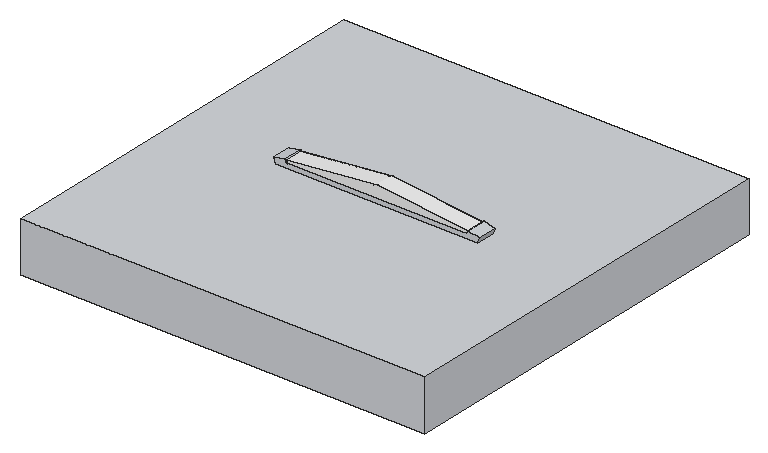
Revit family
Parameters (values of type "277 V")
  Width = 4' - 1"
  Web Link to IES = "http://www.oxygenlighting.com/index.cfm?event=general.downloadFile&theFile=2-5106-xx.ies"
  Wattage = 12.6967 W
  built-in parameter 1150110 = 1 (stored number, unit not read)
  Voltage = 277 V
  URL = "http://www.oxygenlighting.com/"
  built-in parameter 1114217 = 1 (stored number, unit not read)
  Tilt Angle = -90.00°
  built-in parameter 1150109 = 1 (stored number, unit not read)
  built-in parameter 1150134 = (empty or 0)
  built-in parameter 1150113 = 1 (stored number, unit not read)
  Product Documentation Link = "http://www.oxygenlighting.com/ftp/cutsheets/2-5106-xx.pdf"
  Power Factor = 0.99
  Photometric Web File = "2-5106 series.IES"
  Number of Poles = 1
  Model = "2-5106-xx"
  Manufacturer = "Oxygen Lighting"
  built-in parameter 1150105 = 150.08 (stored number, unit not read)
  Lumens = 1886 lm
  built-in parameter 1150115 = 1 (stored number, unit not read)
  built-in parameter 1150137 = (empty or 0)
  built-in parameter 1150139 = (empty or 0)
  Length = 0' - 3 223/256"
  built-in parameter 1150112 = 1 (stored number, unit not read)
  built-in parameter 1150114 = 1 (stored number, unit not read)
  Lamp = "2 x F28T5"
  Junction Box = "4\" Octogonal"
  built-in parameter 1150132 = 2
  built-in parameter 1150102 = (empty or 0)
  built-in parameter 1150107 = 3000 (stored number, unit not read)
  built-in parameter 1150138 = (empty or 0)
  built-in parameter 1150106 = 1.5008 (stored number, unit not read)
  Height = 0' - 4 73/128"
  Emit from Rectangle Width = 4' - 0"
  Emit from Rectangle Length = 0' - 5"
  Emit Shape Visible in Rendering = no
  built-in parameter 1150104 = 13.8 (stored number, unit not read)
  Dimming Lamp Color Temperature Shift = (empty or 0)
  Diffuser Material = Plastic-Oxygen_Lighting-2-Acrylic-Matte_White
  Description = "48\" Contemporary, linear fluorescent vanity - acrylic diffuser and tolless access to lamps"
  Default Elevation = 4' - 0"
  Color Filter = 16777215
  Ballust Manufacturer = "Antron"
  built-in parameter 1114218 = 1 (stored number, unit not read)
  built-in parameter 1150133 = 10 (stored number, unit not read)
  Assembly Code = "D5020210"
  Apparent Load = 59.1 VA
  ADA Compliant = yes
Types (2): name | Voltage | Diffuser Material | Description
  120 V | 120 V | Glass-Oxygen_Lighting-1-Opal_White | "By client"
  277 V | 277 V | Plastic-Oxygen_Lighting-2-Acrylic-Matte_White | "48\" Contemporary, linear fluorescent vanity - acrylic diffuser and tolless access to lamps"
Reference planes (in)
  plane 1 "Center (Front/Back)": y = 0
  plane 2: z = 0
  plane 3 "Center (Left/Right)": x = 0
  plane 4: through (-23.94, -180, 0) normal (-0.9285, 0, -0.3714)
  plane 5: through (-24.43875, -180, 1.24687) normal (-0.2139, 0, 0.9769)
  plane 6: through (23.94, -180, 0) normal (-0.9285, 0, 0.3714)
  plane 7: through (24.43875, -180, 1.24687) normal (-0.2139, 0, -0.9769)
  plane 8: z = 3.86531
  plane 9: z = 0.9975
  plane 10: through (-21.69562, -180, 1.84755) normal (0.9439, 0, 0.3303)
  plane 11: through (21.69563, -180, 1.84755) normal (0.9439, 0, -0.3303)
  plane 12: y = 2.285
  plane 13: y = -2.285
  plane 14: y = -2.22515
  plane 15: y = 2.22515
  plane 16: z = 3.73065
  plane 17: y = 2.09547
  plane 18: y = -2.09548
  plane 19: x = -24.43875
  plane 20: x = 24.43875
  plane 21: x = -21.69562
  plane 22: x = 21.69563
  plane 23: z = 1.84537
Forms (in)
  Extrusion 1, solid
    sketch origin (0, 0, 0) x (1, 0, 0) y (0, 1, 0)
      loop
        line (-48, 48) -> (-48, -48) -> (48, -48) -> (48, 48) -> (-48, 48)
    from 0 to -12
  Extrusion 2, solid, detail levels medium+fine
    sketch origin (0, 0, 0) x (1, 0, 0) y (0, 0, 1)
      loop
        line (-23.94, 0) -> (23.94, 0) -> (24.43875, 1.24688) -> (21.69563, 1.84755) -> (21.57346, 1.49849)
        arc (21.57346, 1.49849) -> (21.30023, 1.13547) -> (20.86733, 0.9975) r 0.74813
        line (20.86733, 0.9975) -> (-20.86733, 0.9975)
        arc (-20.86733, 0.9975) -> (-21.30023, 1.13547) -> (-21.57346, 1.49849) r 0.74813
        line (-21.57346, 1.49849) -> (-21.69562, 1.84755) -> (-24.43875, 1.24688) -> (-23.94, 0)
    from -2.285 to 2.285
  Extrusion 3, solid, material "Plastic-Oxygen_Lighting-2-Acrylic-Matte_White" <- "Diffuser Material", detail levels medium+fine
    sketch origin (0, 0, 0) x (1, 0, 0) y (0, 0, 1)
      loop
        line (21.59172, 1.55066) -> (21.63328, 1.66941)
        arc (21.63328, 1.66941) -> (0, 3.86531) -> (-21.63328, 1.66941) r 107.66004
        line (-21.63328, 1.66941) -> (-21.59172, 1.55066)
        arc (-21.59172, 1.55066) -> (0, 3.74062) -> (21.59172, 1.55066) r 107.53535
    from -2.09548 to 2.09547
  Extrusion 4, solid, material "Plastic-Oxygen_Lighting-2-Acrylic-Matte_White" <- "Diffuser Material", detail levels medium+fine
    sketch origin (0, 0, 0) x (1, 0, 0) y (0, 0, 1)
      loop
        arc (21.63328, 1.66941) -> (0, 3.86531) -> (-21.63328, 1.66941) r 107.66004
        line (-21.63328, 1.66941) -> (-21.57346, 1.49849)
        arc (-21.57346, 1.49849) -> (-21.30023, 1.13547) -> (-20.86733, 0.9975) r 0.74813
        line (-20.86733, 0.9975) -> (20.86733, 0.9975)
        arc (20.86733, 0.9975) -> (21.30023, 1.13547) -> (21.57346, 1.49849) r 0.74813
        line (21.57346, 1.49849) -> (21.63328, 1.66941)
    from -2.22515 to -2.09547
  Extrusion 5, solid, material "Plastic-Oxygen_Lighting-2-Acrylic-Matte_White" <- "Diffuser Material", detail levels medium+fine
    sketch origin (0, 0, 0) x (1, 0, 0) y (0, 0, 1)
      loop
        arc (21.63328, 1.66941) -> (0, 3.86531) -> (-21.63328, 1.66941) r 107.66004
        line (-21.63328, 1.66941) -> (-21.57346, 1.49849)
        arc (-21.57346, 1.49849) -> (-21.30023, 1.13547) -> (-20.86733, 0.9975) r 0.74813
        line (-20.86733, 0.9975) -> (20.86733, 0.9975)
        arc (20.86733, 0.9975) -> (21.30023, 1.13547) -> (21.57346, 1.49849) r 0.74813
        line (21.57346, 1.49849) -> (21.63328, 1.66941)
    from 2.09548 to 2.22515
  Extrusion 6, solid, detail levels coarse
    sketch origin (0, 0, 0) x (1, 0, 0) y (0, 1, 0)
      loop
        line (-24.43875, 2.285) -> (-24.43875, -2.285) -> (24.43875, -2.285) -> (24.43875, 2.285) -> (-24.43875, 2.285)
    from 0 to 3.86531
Cuts and joins
  joined: Extrusion 3, Extrusion 4, Extrusion 5
Lines and regions (in)
  Masking region 1
    outline origin (0, 0, 0) x (1, 0, 0) y (0, 1, 0)
      loop
        line (-24.43875, 2.285) -> (-24.43875, -2.285) -> (24.43875, -2.285) -> (24.43875, 2.285) -> (-24.43875, 2.285)
  Masking region 2
    outline origin (0, 0, 0) x (1, 0, 0) y (0, 0, 1)
      loop
        line (-23.94, 0) -> (23.94, 0) -> (24.43875, 1.24688) -> (21.69563, 1.84755) -> (21.63328, 1.66941)
        arc (21.63328, 1.66941) -> (0, 3.86531) -> (-21.63328, 1.66941) r 107.66004
        line (-21.63328, 1.66941) -> (-21.69562, 1.84755) -> (-24.43875, 1.24688) -> (-23.94, 0)
  Masking region 3
    outline origin (0, 0, 0) x (0, 1, 0) y (0, 0, 1)
      loop
        line (2.285, 0) -> (2.285, 3.86531) -> (-2.285, 3.86531) -> (-2.285, 0) -> (2.285, 0)
  reference lines
    curve 1: arc (-21.57346, 0, 1.49849) -> (-21.30023, 0, 1.13547) -> (-20.86733, 0, 0.9975) r 0.74813
    curve 2: arc (20.86733, 0, 0.9975) -> (21.30023, 0, 1.13547) -> (21.57346, 0, 1.49849) r 0.74813
    curve 3: arc (21.63328, 0, 1.66941) -> (0, 0, 3.86531) -> (-21.63328, 0, 1.66941) r 107.66004
    curve 4: arc (23.72546, 0, 1.09071) -> (0.41463, 0, 3.73983) -> (-22.91593, 0, 1.27055) r 107.53535
  symbolic lines
    curve 5: line (-21.69562, 2.285, 0) -> (-21.69562, -2.285, 0)
    curve 6: line (21.69563, -2.285, 0) -> (21.69563, 2.285, 0)
    curve 7: line (-21.69562, 2.09547, 0) -> (21.69563, 2.09547, 0)
    curve 8: line (-21.69562, -2.09548, 0) -> (21.69563, -2.09548, 0)
    curve 9: arc (-21.57346, 0, 1.49849) -> (-21.30023, 0, 1.13547) -> (-20.86733, 0, 0.9975) r 0.74813
    curve 10: line (-20.86733, 0, 0.9975) -> (20.86733, 0, 0.9975)
    curve 11: arc (20.86733, 0, 0.9975) -> (21.30023, 0, 1.13547) -> (21.57346, 0, 1.49849) r 0.74813
    curve 12: line (21.69562, 0, 1.84755) -> (21.57346, 0, 1.49849)
    curve 13: line (-21.69562, 0, 1.84755) -> (-21.57346, 0, 1.49849)
    curve 14: line (0, 2.09547, 0.9975) -> (0, -2.285, 0.9975)
    curve 15: line (0, -2.09548, 1.84537) -> (0, 2.22515, 1.84537)
Dimensions and locks (in)
  plane 16 to plane 23 to plane 9 to plane 2 = 0' - 1.88527" locked, 0' - 0.84787" locked, 0' - 0.9975" locked
  plane 12 to plane 15 to plane 17 to plane 1 "Center (Front/Back)" to plane 18 to plane 14 to plane 13 = 0' - 0.05985" locked, 0' - 0.12967" locked, 0' - 2.09548" locked, 0' - 2.09547" locked, 0' - 0.12967" locked, 0' - 0.05985" locked
  aligned and locked: plane 2 to Extrusion 1
  aligned and locked: level to Extrusion 1
  aligned: plane 3 "Center (Left/Right)" to imposter light
  aligned: plane 1 "Center (Front/Back)" to imposter light  (x2)
  aligned and locked: plane 3 "Center (Left/Right)" to imposter light
  aligned and locked: Extrusion 2 sketch curve to plane 4
  aligned and locked: Extrusion 2 sketch curve to plane 5
  aligned and locked: Extrusion 2 sketch curve to plane 10
  aligned and locked: Extrusion 2 sketch curve to curve 1
  aligned and locked: Extrusion 2 sketch curve to plane 9
  aligned and locked: Extrusion 2 sketch curve to plane 2
  aligned and locked: Extrusion 2 sketch curve to plane 6
  aligned and locked: Extrusion 2 sketch curve to plane 7
  aligned and locked: Extrusion 2 sketch curve to plane 11
  aligned and locked: Extrusion 2 sketch curve to curve 2
  aligned and locked: Extrusion 3 sketch curve to curve 4
  aligned and locked: Extrusion 3 sketch curve to curve 3
  aligned and locked: Extrusion 3 sketch curve to plane 10
  aligned and locked: Extrusion 3 sketch curve to plane 11
  aligned and locked: Extrusion 4 sketch curve to Extrusion 3
  aligned and locked: Extrusion 4 sketch curve to plane 10
  aligned and locked: Extrusion 4 sketch curve to plane 11
  aligned and locked: Extrusion 4 sketch curve to plane 9
  aligned and locked: Extrusion 4 sketch curve to curve 2
  aligned and locked: Extrusion 4 sketch curve to Extrusion 2
  aligned and locked: plane 15 to Extrusion 4
  aligned and locked: Extrusion 4 to plane 17
  aligned and locked: plane 17 to Extrusion 3
  aligned and locked: plane 12 to Extrusion 2
  aligned and locked: Extrusion 2 to plane 13
  aligned and locked: Extrusion 5 sketch curve to Extrusion 3
  aligned and locked: Extrusion 5 sketch curve to plane 10
  aligned and locked: Extrusion 5 sketch curve to curve 1
  aligned and locked: Extrusion 5 sketch curve to plane 9
  aligned and locked: Extrusion 5 sketch curve to plane 11
  aligned and locked: Extrusion 5 sketch curve to curve 2
  aligned and locked: Extrusion 5 to plane 14
  aligned and locked: plane 18 to Extrusion 5
  aligned and locked: Extrusion 3 to plane 18
  aligned and locked: Extrusion 2 to Extrusion 6 sketch curve  (x2)
  aligned and locked: Extrusion 6 sketch curve to Extrusion 2  (x2)
  aligned and locked: Extrusion 6 to plane 8
  aligned and locked: Extrusion 2 to Masking region 1 sketch curve  (x2)
  aligned and locked: Masking region 1 sketch curve to Extrusion 2  (x2)
  aligned and locked: curve 5 to plane 21
  aligned and locked: curve 6 to plane 22
  aligned and locked: curve 7 to plane 17
  aligned and locked: curve 8 to plane 18
  aligned and locked: plane 12 to curve 5
  aligned and locked: plane 12 to curve 6
  aligned and locked: plane 13 to curve 5
  aligned and locked: plane 13 to curve 6
  aligned and locked: plane 22 to curve 8
  aligned and locked: plane 22 to curve 7
  aligned and locked: plane 21 to curve 7
  aligned and locked: plane 21 to curve 8
  aligned and locked: Masking region 2 sketch curve to plane 4
  aligned and locked: Masking region 2 sketch curve to plane 5
  aligned and locked: Masking region 2 sketch curve to plane 10
  aligned and locked: Masking region 2 sketch curve to curve 3
  aligned and locked: Masking region 2 sketch curve to plane 11
  aligned and locked: Masking region 2 sketch curve to plane 7
  aligned and locked: Masking region 2 sketch curve to plane 6
  aligned and locked: Masking region 2 sketch curve to plane 2
  aligned and locked: curve 9 to curve 1
  aligned and locked: curve 10 to plane 9
  aligned and locked: curve 11 to curve 2
  aligned and locked: curve 12 to plane 11
  aligned and locked: curve 13 to plane 10
  aligned and locked: plane 5 to curve 13
  aligned and locked: plane 7 to curve 12
  aligned and locked: Masking region 3 sketch curve to plane 12
  aligned and locked: Masking region 3 sketch curve to Extrusion 2
  aligned and locked: Extrusion 6 to Masking region 3 sketch curve
  aligned and locked: Masking region 3 sketch curve to Extrusion 6
  aligned and locked: plane 9 to curve 14
  aligned and locked: Extrusion 2 to curve 14
  aligned and locked: cut or joined group of Extrusion 3, Extrusion 4, Extrusion 5 to curve 14
  aligned and locked: plane 23 to curve 15
  aligned and locked: plane 15 to curve 15
  aligned and locked: plane 18 to curve 15
  aligned and locked: plane 1 "Center (Front/Back)" to imposter light
Connectors (in)
  electrical at (0, 0, 0), driven by "Apparent Load", driven by "Voltage", driven by "Power Factor", driven by "Number of Poles"
    settings: on Extrusion 1, index 1
